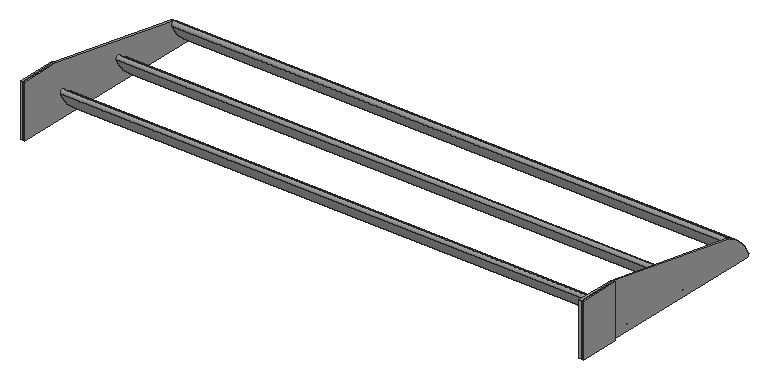
Revit family "SE-0006-FOI-2-0", category Curtain Panels, Revit 2015
Parameters (values of type "Right 90 - Left 90")
  Width [instance] = 5' - 4 1/2"
  Warning 2' = Label : Label
  Sun-Control Material = Aluminum
  Angle = SE-0006-FOI-2-0 : Right 90 - Left 90
  Analytic Construction = "<None>"
Types (25): name | Angle
  Right 90 - Left 112.5 | SE-0006-FOI-2-0 : Right 90 - Left 112.5
  Right 90 - Left 135 | SE-0006-FOI-2-0 : Right 90 - Left 135
  Right 112.5 - Left 90 | SE-0006-FOI-2-0 : Right 112.5 - Left 90
  Right 112.5 - Left 112.5 | SE-0006-FOI-2-0 : Right 112.5 - Left 112.5
  Right 112.5 - Left 135 | SE-0006-FOI-2-0 : Right 112.5 - Left 135
  Right 135 - Left 90 | SE-0006-FOI-2-0 : Right 135 - Left 90
  Right 135 - Left 112.5 | SE-0006-FOI-2-0 : Right 135 - Left 112.5
  Right 135 - Left 135 | SE-0006-FOI-2-0 : Right 135 - Left 135
  Right 45 - Left 45 | SE-0006-FOI-2-0 : Right 45 - Left 45
  Right 45 - Left 67.5 | SE-0006-FOI-2-0 : Right 45 - Left 67.5
  Right 45 - Left 90 | SE-0006-FOI-2-0 : Right 45 - Left 90
  Right 67.5 - Left 45 | SE-0006-FOI-2-0 : Right 67.5 - Left 45
  Right 67.5 - Left 67.5 | SE-0006-FOI-2-0 : Right 67.5 - Left 67.5
  Right 67.5 - Left 90 | SE-0006-FOI-2-0 : Right 67.5 - Left 90
  Right 90 - Left 45 | SE-0006-FOI-2-0 : Right 90 - Left 45
  Right 90 - Left 67.5 | SE-0006-FOI-2-0 : Right 90 - Left 67.5
  Right 45 - Left 112.5 | SE-0006-FOI-2-0 : Right 45 - Left 112.5
  Right 45 - Left 135 | SE-0006-FOI-2-0 : Right 45 - Left 135
  Right 67.5 - Left 112.5 | SE-0006-FOI-2-0 : Right 67.5 - Left 112.5
  Right 67.5 - Left 135 | SE-0006-FOI-2-0 : Right 67.5 - Left 135
  Right 112.5 - Left 45 | SE-0006-FOI-2-0 : Right 112.5 - Left 45
  Right 112.5 - Left 67.5 | SE-0006-FOI-2-0 : Right 112.5 - Left 67.5
  Right 135 - Left 45 | SE-0006-FOI-2-0 : Right 135 - Left 45
  Right 135 - Left 67.5 | SE-0006-FOI-2-0 : Right 135 - Left 67.5
  Right 90 - Left 90 | SE-0006-FOI-2-0 : Right 90 - Left 90
Reference planes (in)
  plane 1 "Front": y = 0
  plane 2: z = 0
  plane 3 "Center (Left/Right)": x = 0
  plane 4 "Left": x = -32.25
  plane 5 "Right": x = 32.25
  plane 6 "Top": z = 96
Text (in)
  text "Exterior" at (-54.29358, 31.38743, 0), in view "Ref. Level"
  text "Exterior" at (480, 41.53993, 89.60405), in view "Right"
  text "Exterior" at (-240, 57.82419, 105.78864), in view "Left"
Dimensions and locks (in)
  equal spacing: plane 4 "Left", plane 3 "Center (Left/Right)", plane 5 "Right"
  "Width": plane 4 "Left" to plane 5 "Right"
  aligned and locked: level to plane 2
  aligned and locked: plane 3 "Center (Left/Right)" to nested 1
  aligned and locked: plane 1 "Front" to nested 1
  aligned and locked: nested 1 to plane 6 "Top"
Nested families (in)
  nested 1: "SE-0006-FOI-2-0" at (18, 0, 93), Width <- "Width", type <- "Angle", Sun-Control Material <- "Sun-Control Material", type "Right 90 - Left 90"
    with Width 5' - 4 1/2", Sun-Control Material Aluminum, Minimum Width 5' - 4 1/2"
Definition of nested family "SE-0006-FOI-2-0"
  Parameters (values of type "Right 112.5 - Left 90")
    Left Short Depth = Left Depth - 0' 0 1/4"  # 1' - 11 3/4"
    Left Angle = 90.00°
    Minimum Width [instance] = if(and(Right Angle = 45.00°, Left Angle = 90.00°, Width < 2' 1"), 2' 1", if(and(Right Angle = 90.00°, Left Angle = 45.00°, Width < 2' 1"), 2' 1", if(and(Left Angle = 45.00°, Right Angle = 112.50°, Width < 1' 4"), 1' 4", if(and(Left Angle = 112.50°, Right Angle = 45.00°, Width < 1' 4"), 1' 4", if(and(Right Angle = 45.00°, Left Angle = 45.00°, Width < 4' 2"), 4' 2", if(and(Right Angle = 90.00°, Left Angle = 67.50°, Width < 0' 11"), 0' 11", if(and(Right Angle = 67.50°, Left Angle = 90.00°, Width < 0' 11"), 0' 11", if(and(Right Angle = 67.50°, Left Angle = 67.50°, Width < 1' 9"), 1' 9", if(and(Right Angle = 45.00°, Left Angle = 67.50°, Width < 2' 11"), 2' 11", if(and(Right Angle = 67.50°, Left Angle = 45.00°, Width < 2' 11"), 2' 11", Width))))))))))  # 6' - 0"
    Width [instance] = 6' - 0"
    Sun-Control Material [instance] = none
    Right Short Depth = Right Depth - 0' 0 1/4"  # 2' - 1 73/128"
    Right Depth = 2' - 1 105/128"
    Left Depth = 2' - 0"
    Right Angle = 112.50°
    Default Elevation = 4' - 0"
  Types (26): name | Left Short Depth | Left Angle | Minimum Width | Width | Right Short Depth | Right Depth | Left Depth | Right Angle
    (no name) | 1' - 11 3/4" | 90.00° | 6' - 0" | 6' - 0" | 2' - 1 73/128" | 2' - 1 105/128" | 2' - 0" | 112.50°
    Right 67.5 - Left 67.5 | 2' - 1 113/128" | 67.50° | 4' - 0" | 4' - 0" | 2' - 1 113/128" | 2' - 2 17/128" | 2' - 2 17/128" | 67.50°
    Right 112.5 - Left 112.5 | 2' - 1 73/128" | 112.50° | 5' - 0" | 5' - 0" | 2' - 1 73/128" | 2' - 1 105/128" | 2' - 1 105/128" | 112.50°
    Right 45 - Left 45 | 2' - 10 17/256" | 45.00° | 5' - 0" | 5' - 0" | 2' - 10 17/256" | 2' - 10 81/256" | 2' - 10 81/256" | 45.00°
    Right 135 - Left 135 | 2' - 9 81/256" | 135.00° | 6' - 0" | 6' - 0" | 2' - 9 81/256" | 2' - 9 145/256" | 2' - 9 145/256" | 135.00°
    Right 90 - Left 90 | 1' - 11 3/4" | 90.00° | 6' - 0" | 6' - 0" | 1' - 11 3/4" | 2' - 0" | 2' - 0" | 90.00°
    Right 112.5 - Left 45 | 2' - 10 17/256" | 45.00° | 5' - 0" | 5' - 0" | 2' - 1 73/128" | 2' - 1 105/128" | 2' - 10 81/256" | 112.50°
    Right 112.5 - Left 67.5 | 2' - 1 113/128" | 67.50° | 6' - 0" | 6' - 0" | 2' - 1 73/128" | 2' - 1 105/128" | 2' - 2 17/128" | 112.50°
    Right 112.5 - Left 90 | 1' - 11 3/4" | 90.00° | 6' - 0" | 6' - 0" | 2' - 1 73/128" | 2' - 1 105/128" | 2' - 0" | 112.50°
    Right 112.5 - Left 135 | 2' - 9 81/256" | 135.00° | 6' - 0" | 6' - 0" | 2' - 1 73/128" | 2' - 1 105/128" | 2' - 9 145/256" | 112.50°
    Right 135 - Left 45 | 2' - 10 17/256" | 45.00° | 6' - 0" | 6' - 0" | 2' - 9 81/256" | 2' - 9 145/256" | 2' - 10 81/256" | 135.00°
    Right 135 - Left 67.5 | 2' - 1 113/128" | 67.50° | 6' - 0" | 6' - 0" | 2' - 9 81/256" | 2' - 9 145/256" | 2' - 2 17/128" | 135.00°
    Right 135 - Left 90 | 1' - 11 3/4" | 90.00° | 6' - 0" | 6' - 0" | 2' - 9 81/256" | 2' - 9 145/256" | 2' - 0" | 135.00°
    Right 135 - Left 112.5 | 2' - 1 73/128" | 112.50° | 6' - 0" | 6' - 0" | 2' - 9 81/256" | 2' - 9 145/256" | 2' - 1 105/128" | 135.00°
    Right 90 - Left 45 | 2' - 10 17/256" | 45.00° | 5' - 0" | 5' - 0" | 1' - 11 3/4" | 2' - 0" | 2' - 10 81/256" | 90.00°
    Right 90 - Left 67.5 | 2' - 1 113/128" | 67.50° | 0' - 11" | 0' - 5" | 1' - 11 3/4" | 2' - 0" | 2' - 2 17/128" | 90.00°
    Right 90 - Left 112.5 | 2' - 1 73/128" | 112.50° | 6' - 0" | 6' - 0" | 1' - 11 3/4" | 2' - 0" | 2' - 1 105/128" | 90.00°
    Right 90 - Left 135 | 2' - 9 81/256" | 135.00° | 6' - 0" | 6' - 0" | 1' - 11 3/4" | 2' - 0" | 2' - 9 145/256" | 90.00°
    Right 67.5 - Left 45 | 2' - 10 17/256" | 45.00° | 2' - 11" | 1' - 0" | 2' - 1 113/128" | 2' - 2 17/128" | 2' - 10 81/256" | 67.50°
    Right 67.5 - Left 90 | 1' - 11 3/4" | 90.00° | 0' - 11" | 0' - 5" | 2' - 1 113/128" | 2' - 2 17/128" | 2' - 0" | 67.50°
    Right 67.5 - Left 112.5 | 2' - 1 73/128" | 112.50° | 6' - 0" | 6' - 0" | 2' - 1 113/128" | 2' - 2 17/128" | 2' - 1 105/128" | 67.50°
    Right 67.5 - Left 135 | 2' - 9 81/256" | 135.00° | 6' - 0" | 6' - 0" | 2' - 1 113/128" | 2' - 2 17/128" | 2' - 9 145/256" | 67.50°
    Right 45 - Left 67.5 | 2' - 1 113/128" | 67.50° | 2' - 11" | 1' - 0" | 2' - 10 17/256" | 2' - 10 81/256" | 2' - 2 17/128" | 45.00°
    Right 45 - Left 90 | 1' - 11 3/4" | 90.00° | 2' - 1" | 1' - 0" | 2' - 10 17/256" | 2' - 10 81/256" | 2' - 0" | 45.00°
    Right 45 - Left 112.5 | 2' - 1 73/128" | 112.50° | 3' - 3" | 3' - 3" | 2' - 10 17/256" | 2' - 10 81/256" | 2' - 1 105/128" | 45.00°
    Right 45 - Left 135 | 2' - 9 81/256" | 135.00° | 3' - 3" | 3' - 3" | 2' - 10 17/256" | 2' - 10 81/256" | 2' - 9 145/256" | 45.00°
  Reference planes (in)
    plane 1 "Center (Front/Back)": y = 0
    plane 2: z = 0
    plane 3: y = 24
    plane 4: y = 14.51256
    plane 5: y = 6.51256
    plane 6: z = 2.5
    plane 7: z = -2.5
    plane 8 "a": x = 18
    plane 9: x = -54
    plane 10: x = -18
    plane 11: z = 3
    plane 12: y = 22.51256
    plane 13: z = -1.51256
  Forms (in)
    Sweep 1, solid, material <- "Sun-Control Material"
      path origin (-28.85416, 5.27513, -1.51256) x (0, -1, 0) y (1, 0, 0)
        loop
          line (-17.23744, -36.47085) -> (-17.23744, 48.85416)
      profile origin (-22.6625, 22.51256, -1.51256) x (0, 1, 0) y (0, 0, 1)
        loop
          arc (-1.13277, 1.46447) -> (-1.41421, 1.41421) -> (-1.46447, 1.13277) r 0.25
          arc (-1.46447, 1.13277) -> (-0.39775, -0.39775) -> (1.13277, -1.46447) r 5.30625
          arc (1.13277, -1.46447) -> (1.41421, -1.41421) -> (1.46447, -1.13277) r 0.25
          arc (1.46447, -1.13277) -> (0.39775, 0.39775) -> (-1.13277, 1.46447) r 5.30625
    Sweep 2, solid, material <- "Sun-Control Material"
      path origin (-28.85416, 5.27513, -1.51256) x (0, -1, 0) y (1, 0, 0)
        loop
          line (-9.23744, -33.15714) -> (-9.23744, 48.85416)
      profile origin (-21.00565, 14.51256, -1.51256) x (0, 1, 0) y (0, 0, 1)
        loop
          arc (-1.13277, 1.46447) -> (-1.41421, 1.41421) -> (-1.46447, 1.13277) r 0.25
          arc (-1.46447, 1.13277) -> (-0.39775, -0.39775) -> (1.13277, -1.46447) r 5.30625
          arc (1.13277, -1.46447) -> (1.41421, -1.41421) -> (1.46447, -1.13277) r 0.25
          arc (1.46447, -1.13277) -> (0.39775, 0.39775) -> (-1.13277, 1.46447) r 5.30625
    Sweep 3, solid, material <- "Sun-Control Material"
      path origin (-28.85416, 5.27513, -1.51256) x (0, -1, 0) y (1, 0, 0)
        loop
          line (-1.23744, -29.84343) -> (-1.23744, 48.85416)
      profile origin (-19.3488, 6.51256, -1.51256) x (0, 1, 0) y (0, 0, 1)
        loop
          arc (-1.13277, 1.46447) -> (-1.41421, 1.41421) -> (-1.46447, 1.13277) r 0.25
          arc (-1.46447, 1.13277) -> (-0.39775, -0.39775) -> (1.13277, -1.46447) r 5.30625
          arc (1.13277, -1.46447) -> (1.41421, -1.41421) -> (1.46447, -1.13277) r 0.25
          arc (1.46447, -1.13277) -> (0.39775, 0.39775) -> (-1.13277, 1.46447) r 5.30625
    Extrusion 4, void
      sketch origin (-54, 0, 0) x (0.382683, -0.92388, 0) y (0, 0, 1)
        loop
          line (0.24272, 3.30555) -> (-38.84738, 3.30555) -> (-38.84738, -4.19445) -> (0.24272, -4.19445) -> (0.24272, 3.30555)
      from -0.375 to 33.46672
    Extrusion 5, void
      sketch origin (18, 36.25, 0) x (0, 1, 0) y (0, 0, 1)
        loop
          line (-41.33831, 3.30555) -> (-41.33831, -4.19445) -> (9.0901, -4.19445) -> (9.0901, 3.30555) -> (-41.33831, 3.30555)
      from -0.375 to 33.46672
  Cuts and joins
    Extrusion 4, Extrusion 5 cuts Sweep 3
    Extrusion 4, Extrusion 5 cuts Sweep 2
    Extrusion 4, Extrusion 5 cuts Sweep 1
  Lines and regions (in)
    reference lines
      curve 1: line (-54, 0, 0) -> (-68.92465, 36.0313, 0)
      curve 2: line (-70.54197, 35.10742, 0) -> (-56, 0, 0)
      curve 3: line (18, 36.25, 0) -> (18, 0, 0)
      curve 4: line (20, 36, 0) -> (20, 0, 0)
      curve 5: line (18, 22.51256, 0) -> (18, 23.75001, 0)
      curve 6: line (18, 14.51256, 0) -> (18, 16.60789, 0)
      curve 7: line (18, 6.51256, 0) -> (18, 8.60789, 0)
      curve 8: line (-56.69759, 6.51256, 0) -> (-56.69759, 8.60789, 0)
      curve 9: line (-60.0113, 14.51256, 0) -> (-60.0113, 16.60789, 0)
      curve 10: line (-63.32501, 22.51256, 0) -> (-63.32501, 24.25001, 0)
  Dimensions and locks (in)
    equal spacing: plane 6, plane 2, plane 7
    plane 3 to plane 1 "Center (Front/Back)" = 2' - 0"
    "Minimum Width": plane 9 to plane 8 "a"
    locked: nested 1 to plane 1 "Center (Front/Back)" at 0
    locked: nested 1 to plane 9 at 0
    locked: curve 1 to plane 9
    locked: plane 1 "Center (Front/Back)" to curve 1 at 0
    locked: curve 2 to plane 9 at 2
    locked: plane 1 "Center (Front/Back)" to curve 2 at 0
    locked: nested 2 to plane 1 "Center (Front/Back)" at 0
    locked: nested 2 to plane 8 "a" at 0
    locked: plane 1 "Center (Front/Back)" to curve 3 at 0
    locked: plane 1 "Center (Front/Back)" to curve 4
    locked: plane 8 "a" to curve 4 at 2
    locked: curve 3 to plane 8 "a"
    equal spacing: plane 9, plane 10, plane 8 "a"
    plane 4 to plane 12 = 0' - 8"  (x2)
    plane 5 to plane 4 = 0' - 8"
    plane 4 to plane 5 = 0' - 8"
    plane 1 "Center (Front/Back)" to plane 5 = 0' - 6.51256"
    locked: plane 2 to plane 13 at 1.51256
    "Right Angle": angle plane 1 "Center (Front/Back)" to nested 1
    "Right Angle": angle plane 1 "Center (Front/Back)" to curve 1
    "Right Angle": angle plane 1 "Center (Front/Back)" to curve 2
    "Left Angle": angle curve 4 to plane 1 "Center (Front/Back)"
    "Left Angle": angle nested 2 to plane 1 "Center (Front/Back)"
    "Left Angle": angle curve 3 to plane 1 "Center (Front/Back)"
    aligned and locked: level to plane 2
    aligned and locked: Sweep 2 sketch curve to plane 4
    aligned and locked: Sweep 3 sketch curve to plane 5
    aligned and locked: curve 2 to Sweep 3 sketch curve
    aligned and locked: curve 2 to Sweep 2 sketch curve
    aligned and locked: curve 4 to Sweep 2 sketch curve
    aligned and locked: curve 4 to Sweep 3 sketch curve
    aligned and locked: nested 3 to curve 10
    aligned and locked: nested 3 to curve 5
    aligned and locked: nested 4 to curve 9
    aligned and locked: nested 4 to curve 6
    aligned and locked: nested 5 to curve 8
    aligned and locked: nested 5 to curve 7
    aligned and locked: nested 5 to plane 5
    aligned and locked: nested 4 to plane 4
    aligned and locked: plane 12 to nested 3
    aligned and locked: curve 4 to Sweep 1 sketch curve
    aligned and locked: curve 2 to Sweep 1 sketch curve
    aligned and locked: plane 12 to Sweep 1 sketch curve
    aligned and locked: plane 13 to nested 5
    aligned and locked: plane 13 to nested 4
    aligned and locked: plane 13 to nested 3
  Automatic sketch dimensions
    curve 1 to Extrusion 4 sketch curve = 0' - 0.15262"
    curve 1 to Extrusion 4 sketch curve = 0' - 0.24272"
    Extrusion 4 sketch curve to curve 1 = 0' - 4.19445"
    curve 1 to Extrusion 4 sketch curve = 0' - 3.30555"
    Extrusion 5 sketch curve to curve 3 = 0' - 5.08831"
    Extrusion 5 sketch curve to curve 3 = 0' - 4.19445"
    curve 3 to Extrusion 5 sketch curve = 0' - 9.0901"
    curve 3 to Extrusion 5 sketch curve = 0' - 3.30555"
    profile plane to Sweep 1 sketch curve = 0' - 3.35434"
    Sweep 1 sketch curve to level = 0' - 0.27513"
    profile plane to Sweep 1 sketch curve = 0' - 1.23744"
    Sweep 1 sketch curve to profile plane = 0' - 1.23744"
    Sweep 1 sketch curve to profile plane = 0' - 3.35434"
    Sweep 1 sketch curve to level = 0' - 2 3/4"
    Sweep 1 sketch curve to level = 0' - 4.8669"
    level to Sweep 1 sketch curve = 0' - 1.84177"
    Sweep 1 sketch curve to Sweep 1 sketch curve = 0' - 0.22703"
    Sweep 1 sketch curve to Sweep 1 sketch curve = 0' - 0"  (x3)
    profile plane to Sweep 2 sketch curve = 0' - 3.35434"
    Sweep 2 sketch curve to level = 0' - 0.27513"
    profile plane to Sweep 2 sketch curve = 0' - 1.23744"
    Sweep 2 sketch curve to profile plane = 0' - 1.23744"
    Sweep 2 sketch curve to profile plane = 0' - 3.35434"
    Sweep 2 sketch curve to level = 0' - 2 3/4"
    Sweep 2 sketch curve to level = 0' - 4.8669"
    level to Sweep 2 sketch curve = 0' - 1.84177"
    Sweep 2 sketch curve to Sweep 2 sketch curve = 0' - 0.22703"
    Sweep 2 sketch curve to Sweep 2 sketch curve = 0' - 0"  (x3)
    profile plane to Sweep 3 sketch curve = 0' - 3.35434"
    Sweep 3 sketch curve to level = 0' - 0.27513"
    profile plane to Sweep 3 sketch curve = 0' - 1.23744"
    Sweep 3 sketch curve to profile plane = 0' - 1.23744"
    Sweep 3 sketch curve to profile plane = 0' - 3.35434"
    Sweep 3 sketch curve to level = 0' - 2 3/4"
    Sweep 3 sketch curve to level = 0' - 4.8669"
    level to Sweep 3 sketch curve = 0' - 1.84177"
    Sweep 3 sketch curve to Sweep 3 sketch curve = 0' - 0.22703"
    Sweep 3 sketch curve to Sweep 3 sketch curve = 0' - 0"  (x3)
    plane 12 to curve 10 = 0' - 0"
    curve 9 to plane 4 = 0' - 0"
    curve 8 to plane 5 = 0' - 0"
    curve 7 to plane 5 = 0' - 0"
    curve 6 to plane 4 = 0' - 0"
    plane 12 to curve 5 = 0' - 0"
    curve 7 to curve 7 = 0' - 2.09533"
    plane 5 to curve 8 = 0' - 2.09533"
    curve 6 to curve 6 = 0' - 2.09533"
    plane 4 to curve 9 = 0' - 2.09533"
    curve 5 to plane 3 = 0' - 0 1/4"
    plane 3 to curve 10 = 0' - 0 1/4"
  Nested families (in)
    nested 1: "Plate_right" at (-54, 0, 0) x (0.9239, 0.3827, 0) z (0, 0, 1), Length <- "Right Short Depth", type "Plate_right"
      with Length 2' - 1 73/128"
    nested 2: "Plate_left" at (18, 0, 0) x (-1, 0, 0) z (0, 0, 1), Length <- "Left Short Depth", type "Plate_left"
      with Length 1' - 11 3/4"
    nested 3: "SS-109-3D" at (-63.32501, 22.51256, -1.51256), type "SS-109-3D", detail levels fine
      with Lenght 6' - 9.32501"
    nested 4: "SS-109-3D" at (-60.0113, 14.51256, -1.51256), type "SS-109-3D", detail levels fine
      with Lenght 6' - 6.0113"
    nested 5: "SS-109-3D" at (-56.69759, 6.51256, -1.51256), type "SS-109-3D", detail levels fine
      with Lenght 6' - 2.69759"
  Definition of nested family "Plate_right"
    Parameters (values of type "Plate_right")
      Sun-Control Material = none
      Length [instance] = 2' - 11 3/4"
    Reference planes (in)
      plane 1 "Center (Front/Back)": y = 0
      plane 2: z = 0
      plane 3 "Center (Left/Right)": x = 0
    Forms (in)
      Sweep 1, solid, material <- "Sun-Control Material"
        path origin (24.49846, 19.13417, 0) x (-1, 0, 0) y (0, 1, 0)
          loop
            line (24.37346, -19.13417) -> (24.62346, -19.13417)
        profile origin (0, 0, 0) x (0, -1, 0) y (0, 0, 1)
          loop
            line (0, 3) -> (-4.5, 3) -> (-4.5, -3) -> (0, -3) -> (0, 0) -> (0, 3)
      Sweep 2, solid, material <- "Sun-Control Material"
        path origin (13.88949, 16.0727, 0) x (0.92388, -0.382683, 0) y (0.382683, 0.92388, 0)
          loop
            line (-6.33501, -20.02102) -> (-6.56598, -20.11669)
        profile origin (0.25, 0, 0) x (0, -1, 0) y (0, 0, 1)
          loop
            line (0, 3) -> (-4.53641, 3) -> (-33.37979, -0.04809)
            arc (-33.37979, -0.04809) -> (-34.91031, -1.11482) -> (-35.97703, -2.64533) r 5.30625
            arc (-35.97703, -2.64533) -> (-35.96056, -2.88478) -> (-35.75, -3) r 0.25
            line (-35.75, -3) -> (0, -3) -> (0, 3)
    Lines and regions (in)
      model lines, not visible
        curve 1: line (0, 0, 0) -> (0, 1.75, 0)
    Dimensions and locks (in)
      locked: Sweep 2 to Sweep 2 at 0.25
      "Length": Sweep 2 sketch curve to plane 1 "Center (Front/Back)"
      locked: Sweep 1 to Sweep 1 at 6
      locked: Sweep 2 sketch curve to Sweep 2 sketch curve at 6
      equal spacing: Sweep 2 sketch curve, plane 2, Sweep 2 sketch curve
      locked: Sweep 2 sketch curve to plane 1 "Center (Front/Back)" at 4.53641
      locked: plane 2 to Sweep 2 sketch curve at 2.75
      locked: plane 2 to Sweep 2 sketch curve at 4.8669
      locked: Sweep 2 sketch curve to Sweep 2 sketch curve at 4.59177
      aligned and locked: plane 2 to level
      aligned and locked: Sweep 2 to Sweep 1
      aligned and locked: Sweep 2 sketch curve to plane 1 "Center (Front/Back)"
    Automatic sketch dimensions
      curve 1 to plane 3 "Center (Left/Right)" = 0' - 0"
      plane 1 "Center (Front/Back)" to curve 1 = 0' - 0"
      curve 1 to curve 1 = 0' - 1 3/4"
      plane 1 "Center (Front/Back)" to Sweep 1 sketch curve = 0' - 0"
      Sweep 1 sketch curve to plane 3 "Center (Left/Right)" = 0' - 0 1/8"
      plane 3 "Center (Left/Right)" to Sweep 1 sketch curve = 0' - 0 1/8"
      Sweep 1 sketch curve to profile plane = 0' - 0"  (x2)
      profile plane to Sweep 1 sketch curve = 0' - 4 1/2"
      Sweep 1 sketch curve to profile plane = 0' - 3"
      profile plane to Sweep 1 sketch curve = 0' - 3"
      plane 1 "Center (Front/Back)" to Sweep 2 sketch curve = 0' - 0"  (x2)
      plane 3 "Center (Left/Right)" to Sweep 2 sketch curve = 0' - 0 1/8"
      Sweep 2 sketch curve to Sweep 2 sketch curve = 0' - 0.23097"
      Sweep 2 sketch curve to profile plane = 0' - 0.04809"
      Sweep 2 sketch curve to Sweep 2 sketch curve = 0' - 2.37021"
  Definition of nested family "Plate_left"
    Parameters (values of type "Plate_left")
      Sun-Control Material = none
      Length [instance] = 2' - 11 3/4"
    Reference planes (in)
      plane 1 "Center (Front/Back)": y = 0
      plane 2: z = 0
      plane 3 "Center (Left/Right)": x = 0
    Forms (in)
      Sweep 1, solid, material <- "Sun-Control Material"
        path origin (24.49846, 19.13417, 0) x (-1, 0, 0) y (0, 1, 0)
          loop
            line (24.37346, -19.13417) -> (24.62346, -19.13417)
        profile origin (0, 0, 0) x (0, -1, 0) y (0, 0, 1)
          loop
            line (0, 3) -> (-4.5, 3) -> (-4.5, -3) -> (0, -3) -> (0, 0) -> (0, 3)
      Sweep 2, solid, material <- "Sun-Control Material"
        path origin (13.88949, 16.0727, 0) x (0.92388, -0.382683, 0) y (0.382683, 0.92388, 0)
          loop
            line (-6.33501, -20.02102) -> (-6.56598, -20.11669)
        profile origin (0.25, 0, 0) x (0, -1, 0) y (0, 0, 1)
          loop
            line (0, 3) -> (-4.53641, 3) -> (-33.30427, -0.01399)
            arc (-33.30427, -0.01399) -> (-34.8809, -1.08563) -> (-35.97703, -2.64533) r 5.30625
            arc (-35.97703, -2.64533) -> (-35.96056, -2.88478) -> (-35.75, -3) r 0.25
            line (-35.75, -3) -> (0, -3) -> (0, 3)
    Lines and regions (in)
      model lines, not visible
        curve 1: line (0, 0, 0) -> (0, 3, 0)
    Dimensions and locks (in)
      locked: Sweep 2 to Sweep 2 at 0.25
      "Length": Sweep 2 sketch curve to plane 1 "Center (Front/Back)"
      locked: Sweep 2 sketch curve to Sweep 2 sketch curve at 6
      equal spacing: Sweep 2 sketch curve, plane 2, Sweep 2 sketch curve
      locked: Sweep 2 sketch curve to plane 1 "Center (Front/Back)" at 4.53641
      locked: plane 2 to Sweep 2 sketch curve at 4.8669
      locked: Sweep 2 sketch curve to Sweep 2 sketch curve at 4.59177
      locked: plane 2 to Sweep 2 sketch curve at 2.75
      aligned and locked: plane 2 to level
      aligned and locked: Sweep 2 to Sweep 1
    Automatic sketch dimensions
      curve 1 to plane 3 "Center (Left/Right)" = 0' - 0"
      plane 1 "Center (Front/Back)" to curve 1 = 0' - 0"
      curve 1 to curve 1 = 0' - 3"
      plane 1 "Center (Front/Back)" to Sweep 1 sketch curve = 0' - 0"
      Sweep 1 sketch curve to plane 3 "Center (Left/Right)" = 0' - 0 1/8"
      plane 3 "Center (Left/Right)" to Sweep 1 sketch curve = 0' - 0 1/8"
      Sweep 1 sketch curve to profile plane = 0' - 0"  (x2)
      profile plane to Sweep 1 sketch curve = 0' - 4 1/2"
      Sweep 1 sketch curve to profile plane = 0' - 3"
      profile plane to Sweep 1 sketch curve = 0' - 3"
      plane 1 "Center (Front/Back)" to Sweep 2 sketch curve = 0' - 0"  (x2)
      plane 3 "Center (Left/Right)" to Sweep 2 sketch curve = 0' - 0 1/8"
      Sweep 2 sketch curve to Sweep 2 sketch curve = 0' - 0.23097"
      Sweep 2 sketch curve to profile plane = 0' - 0"
      Sweep 2 sketch curve to profile plane = 0' - 0.01399"
      Sweep 2 sketch curve to Sweep 2 sketch curve = 0' - 2.44573"
  Definition of nested family "SS-109-3D"
    Parameters (values of type "SS-109-3D")
      Lenght [instance] = 1' - 10.56386"
    Reference planes (in)
      plane 1 "Center (Front/Back)": y = 0
      plane 2: z = 0
      plane 3 "Center (Left/Right)": x = 0
      plane 4: x = 22.56386
    Lines and regions (in)
      model lines, not visible
        curve 1: line (0, 0, 0) -> (22.56386, 0, 0)
    Dimensions and locks (in)
      "Lenght": plane 3 "Center (Left/Right)" to plane 4
      aligned and locked: plane 2 to level
      aligned and locked: plane 4 to curve 1
      aligned and locked: plane 1 "Center (Front/Back)" to curve 1
      aligned and locked: plane 3 "Center (Left/Right)" to curve 1
      aligned and locked: plane 1 "Center (Front/Back)" to nested 1
      aligned and locked: nested 1 to plane 2
    Nested families (in)
      nested 1: "SS-109-2D" at (0, 0, 0) x (0, 1, 0) z (1, 0, 0), type "SS-109-2D", detail levels fine
    Definition of nested family "SS-109-2D"
      Reference planes (in)
        plane 1 "Center (Front/Back)": y = 0
        plane 2: z = 0
        plane 3 "Center (Left/Right)": x = 0
